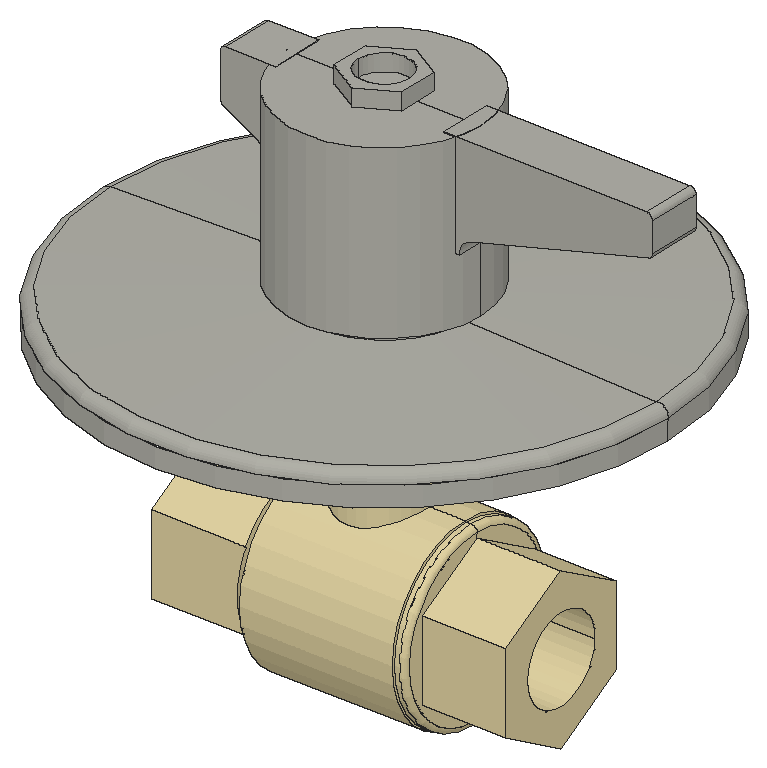
Revit family "QP06050000", category Apparecchi idraulici, Revit 2020
Family settings
  Quota connettore circolare = Usa diametro
  Tipo di parte = Normale
  Numero OmniClass = 23.45.00.00
  Titolo OmniClass = Sanitary, Laundry, and Cleaning Equipment
  Basato su piano di lavoro = No
  Sempre verticale = Sì
  Taglio con vuoti quando caricato = No
  Condiviso = No
  Punto di calcolo locali = No
Parameters
  URL = "https://web.cimberio.com/index.php/figura/268?subcategoria_id=95758"
  Temperatura di esercizio = "-20 ÷ 60°C"
  Prospetto di default = 0 mm
  Produttore = "CIMBERIO SPA"
  Pressione nominale = "MOP 5"
  Modello = "Cim 27G"
  Materiale = "Prodotto in lega di ottone conforme alla norma EN 12165-CW617N-DW"
  Descrizione = "Utilizzato nell’impiantistica distributiva di gas a bassa pressione per le categorie:\r\nGas naturali: gas derivati dal petrolio (Metano) e gas di ricambio.\r\nGas di città: prodotti secondo i diversi procedimenti (Cracking - Cokerie - ecc.).\r\nGas liquidi: propano e miscele di gas propano/butano"
  DN Model [instance] = QP06051015 : QP06051015
  DN [instance] = 15 mm
  Commenti sul tipo = "Realizzato in ottemperanza ai requisiti gestionali della norma EN ISO 9001.\r\nCollaudato al 100% secondo la normativa EN 12266-1"
Reference planes
  plane 1 "Centro (Fronte/Retro)": y = 0
  plane 2: z = 0
  plane 3 "Centro (Sinistra/Destra)": x = 0
Dimensions and locks
  aligned and locked: level to plane 2
Nested families
  nested 1: "QP06051015" at (0, 0, 0), type <- "DN Model", type "QP06051015"
  nested 2: "QP06051015" at (0, 0, 0), type <- "DN Model", type "QP06051015"
  nested 3: "QP06051015" at (0, 0, 0), type <- "DN Model", type "QP06051015"
  nested 4: "QP06051015" at (0, 0, 0), type <- "DN Model", type "QP06051015"
Connectors
  piping at (31.15, 0, 0), diameter 15, driven by "DN"
    settings: on nested 1, index 1, connector inside diameter 609.6 mm, connector length 0 mm, flow factor 0, pipe flow 0.0 L/s, pressure drop 0.0 Pa, fitting loss kfactor 0, connector angle 0.00°, fixture units 0, engagement length 0 mm, angle of deflection 0.00°, flow configuration 0, flow direction 0, fitting loss method 0, system type 7, joint type 0, gender type 0, connector reference index -1, connector utility 0, adjustable connector no, is connector primary yes, connector description ""
  piping at (-31.15, 0, 0), diameter 15, driven by "DN"
    settings: on nested 1, index 2, connector inside diameter 609.6 mm, connector length 0 mm, flow factor 0, pipe flow 0.0 L/s, pressure drop 0.0 Pa, fitting loss kfactor 0, connector angle 0.00°, fixture units 0, engagement length 0 mm, angle of deflection 0.00°, flow configuration 0, flow direction 0, fitting loss method 0, system type 7, joint type 0, gender type 0, connector reference index -1, connector utility 0, adjustable connector no, is connector primary no, connector description ""
Definition of nested family "QP06051015"
  Parameters (values of type "QP06051015")
    Default Elevation = 0 mm
  Reference planes
    plane 1 "Centro (Fronte/Retro)": y = 0
    plane 2: z = 0
    plane 3 "Centro (Sinistra/Destra)": x = 0
  Forms (mm)
    Extrusion 1, solid
      sketch origin (0, 0, 0) x (0, 1, 0) y (0, 0, 1)
        loop
          circle (0, 0) r 7.5
        loop
          line (0, 14) -> (-12.124, 7) -> (-12.124, -7) -> (0, -14) -> (12.124, -7) -> (12.124, 7) -> (0, 14)
      from -31.15 to -12.5
    Revolve 2, solid
      sketch origin (0, 0, 0) x (1, 0, 0) y (0, 0, 1)
        loop
          arc (16.35, 14.75) -> (16.057, 15.457) -> (15.35, 15.75) r 1
          line (15.35, 15.75) -> (14.35, 15.75) -> (14.35, 7.5) -> (16.35, 7.5) -> (16.35, 14.75)
        axis (14.35, 0) -> (16.35, 0)
      angle from 0 to 360
    Revolve 3, solid
      sketch origin (0, 0, 3) x (1, 0, 0) y (0, 0, 1)
        loop
          line (-5, 38.413) -> (-16.156, 38.413) -> (-14.45, 35) -> (-10, 35)
          arc (-10, 35) -> (-8.586, 34.414) -> (-8, 33) r 2
          line (-8, 33) -> (-8, 8) -> (-5, 8) -> (-5, 38.413)
        axis (0, 38.413) -> (0, 8)
      angle from 0 to 360
    Extrusion 4, solid
      sketch origin (0, 0, 0) x (0, 1, 0) y (0, 0, -1)
        loop
          circle (0, 0) r 7.5
        loop
          line (0, -14) -> (12.124, -7) -> (12.124, 7) -> (0, 14) -> (-12.124, 7) -> (-12.124, -7) -> (0, -14)
      from -31.15 to -16.35
    Revolve 5, solid
      sketch origin (0, 0, 0) x (1, 0, 0) y (0, 0, 1)
        loop
          line (14.35, 16) -> (-12.5, 16) -> (-14.5, 14) -> (-14.5, 7.5) -> (14.35, 7.5) -> (14.35, 16)
        axis (-14.5, 0) -> (14.35, 0)
      angle from 0 to 360
    Revolve 6, solid
      sketch origin (0, 0, -4.478) x (1, 0, 0) y (0, 0, 1)
        loop
          arc (-48.058, 51.036) -> (-49.435, 50.431) -> (-50, 49.037) r 2
          line (-50, 49.037) -> (-50, 45.48) -> (0, 45.48) -> (0, 83.602) -> (-17, 83.602) -> (-17, 53.602) -> (-14.5, 53.602) -> (-14.5, 52.01) -> (-48.058, 51.036)
        axis (0, 83.602) -> (0, 45.48)
      angle from 0 to 360
    Extrusion 7, solid
      sketch origin (0, 0, 0.124) x (1, 0, 0) y (0, 0, 1)
        loop
          arc (-24, 79) -> (-24.707, 78.707) -> (-25, 78) r 1
          line (-25, 78) -> (-25, 70.577)
          arc (-25, 70.577) -> (-24.866, 70.077) -> (-24.5, 69.711) r 1
          line (-24.5, 69.711) -> (-18.5, 66.247)
          arc (-18.5, 66.247) -> (-17.392, 65.132) -> (-17, 63.609) r 3
          line (-17, 63.609) -> (-15.29, 63.609) -> (-15.29, 79) -> (-24, 79)
      from -4.744 to 4.66
    Extrusion 8, solid
      sketch origin (0, 0, 0.124) x (1, 0, 0) y (0, 0, 1)
        loop
          line (14.258, 79) -> (14.258, 60.584) -> (17, 60.584)
          arc (17, 60.584) -> (17.619, 62.412) -> (19.224, 63.485) r 3
          line (19.224, 63.485) -> (50.259, 71.801)
          arc (50.259, 71.801) -> (50.793, 72.158) -> (51, 72.767) r 1
          line (51, 72.767) -> (51, 78)
          arc (51, 78) -> (50.707, 78.707) -> (50, 79) r 1
          line (50, 79) -> (14.258, 79)
      from -4.744 to 4.66
    Extrusion 9, solid
      sketch origin (0, 0, 0.124) x (1, 0, 0) y (0, 1, 0)
        loop
          line (-6, 3.464) -> (-6, -3.464) -> (0, -6.928) -> (6, -3.464) -> (6, 3.464) -> (0, 6.928) -> (-6, 3.464)
        loop
          circle (0, 0) r 4.5
      from 79 to 81.944
  Dimensions and locks
    aligned and locked: level to plane 2
